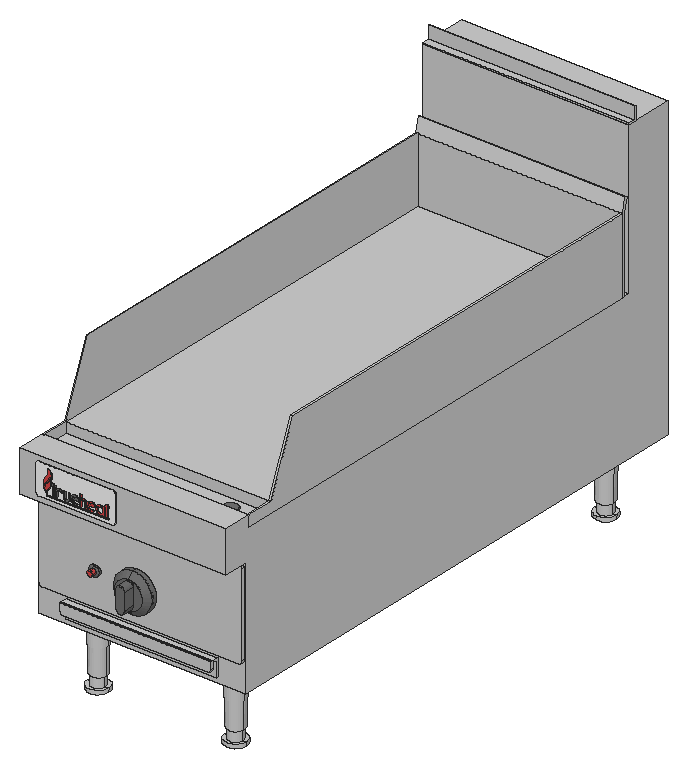
Revit family "QF_COMCATER ALL BRANDS_RCT3-3G", category Specialty Equipment, Revit 2014
Parameters (values of type "RCT3-3G_Natural Gas")
  URL Cutsheet = ""
  URL = ""
  Type Comments = "The Australian owned and designed* Trueheat RC Series of Gas Cooking Equipment has been developed for the restaurant and cafe market with a high quality finish, designed to fulfill the busy demands within a commercial kitchen.\r\n16mm thick steel griddle plate with 16.5MJ/hr burner per 300mm section.\r\n100% Flame failure controls included as standard. Piezo ignition on concealed burners."
  Status [instance] = ""
  Specification by User [instance] = ""
  Specification by Manufacturer [instance] = ""
  Seismic Rating = ""
  SMACNA No = ""
  Revision Code [instance] = ""
  Nominal Gas power = 3900 W
  NAFEM Spec ID Number = ""
  Model = "RCT3-3G"
  Mechanical Connection Type [instance] = " "
  Masterspec = ""
  Manufacturer = "TRUEHEAT"
  Length Actual = 300 mm
  Item Number [instance] = ""
  Installed By [instance] = ""
  Identify Quantity as Lot [instance] = no
  Height Actual = 455 mm
  Gas power kW = 3.9
  Gas Size Flexible = 0 mm
  Gas Size = 19.05 mm
  Gas RI Height [instance] = 0 mm
  Gas Flow = 0.0 L/s
  Gas Connection Height [instance] = 121 mm
  Furnished By [instance] = ""
  Foodservice Equipment Identifier [instance] = yes
  Description = "GRIDDLE MODULAR TOP"
  Depth Actual = 803 mm
  CSI MasterFormat = ""
  BTUH = 3900 W
  Assembly Code = "E1090320"
  Accessory = no
Types (2): name
  RCT3-3G_Natural Gas
  RCT3-3G_LPG
Reference planes
  plane 1 "Center (Front/Back)": y = 0
  plane 2: z = 0
  plane 3 "Center (Left/Right)": x = 0
Forms (mm)
  Extrusion 1, solid
    sketch origin (96, 0, 121) x (1, 0, 0) y (0, 1, 0)
      loop
        line (0, 0) -> (2, 0) -> (2, 2) -> (0, 2) -> (0, 0)
    from 0 to 2
Dimensions and locks
  aligned and locked: level to plane 2
Nested families
  nested 1: "QF_COMCATER ALL BRANDS_RCT3-3G_Natural Gas" at (0, 0, 100), type "RCT3-3G_Natural Gas"
    with Show Logo yes, Show Clearance yes
  nested 2: "QF_COMCATER_B05002-300" at (0, 0, 0), type "B05002-300"
    with Show Logo yes, Show Clearance yes
Connectors
  piping at (97, 2, 122), diameter 19.05, driven by "Gas Size", driven by "Gas Flow"
    settings: on Extrusion 1, index 1, connector inside diameter 609.6 mm, connector length 0 mm, flow factor 0, pipe flow 0.0 L/s, pressure drop 0.0 Pa, fitting loss kfactor 0, connector angle 0.00°, fixture units 0, engagement length 0 mm, angle of deflection 0.00°, flow configuration 1, flow direction 1, fitting loss method 0, system type 22, joint type 0, gender type 0, connector reference index -1, connector utility 0, adjustable connector no, is connector primary yes, connector description "Gas connection for 'RCT3-3G'"
Definition of nested family "QF_COMCATER ALL BRANDS_RCT3-3G_Natural Gas"
  Parameters (values of type "RCT3-3G_Natural Gas")
    URL = "www.comcater.com.au"
    Show Logo [instance] = yes
    Show Clearance [instance] = yes
    Model = "RCT3-3G"
    Manufacturer = "TRUEHEAT"
    Description = "GRIDDLE MODULAR TOP"
    Assembly Code = "E1090320"
  Reference planes
    plane 1 "Back": y = 0
    plane 2: z = 0
    plane 3 "Left": x = 0
    plane 4 "Right": x = 300
    plane 5 "Front": y = -803
    plane 6 "Top": z = 455
  Forms (mm)
    Extrusion 1, solid
      sketch origin (0, 0, 2.5) x (0, 1, 0) y (0, 0, 1)
        loop
          line (0, 432.5) -> (-70, 432.5) -> (-70, 212.5) -> (-762.176, 212.5) -> (-762.176, 227.5) -> (-803, 227.5) -> (-803, 167.5) -> (-768, 167.5) -> (-768, -2.5) -> (0, -2.5) -> (0, 432.5)
      from 0 to 300
    Extrusion 2, solid
      sketch origin (0, 0, 2.5) x (0, 1, 0) y (0, 0, 1)
        loop
          line (-77.071, 341.25) -> (-82.176, 322.195) -> (-82.176, 212.5) -> (-80.176, 212.5) -> (-80.176, 321.931) -> (-75, 341.25) -> (-77.071, 341.25)
      from 0 to 300
    Extrusion 3, solid
      sketch origin (0, 0, 2.5) x (0, 1, 0) y (0, 0, 1)
        loop
          line (-82.176, 322.195) -> (-682.176, 322.195) -> (-722.176, 227.5) -> (-762.176, 227.5) -> (-762.176, 212.5) -> (-82.176, 212.5) -> (-82.176, 322.195)
      from 0 to 2
    Extrusion 4, solid
      sketch origin (298, 0, 2.5) x (0, 1, 0) y (0, 0, 1)
        loop
          line (-82.176, 322.195) -> (-682.176, 322.195) -> (-722.176, 227.5) -> (-762.176, 227.5) -> (-762.176, 212.5) -> (-82.176, 212.5) -> (-82.176, 322.195)
      from 0 to 2
    Extrusion 5, solid
      sketch origin (-4.5, -360, -12.5) x (1, 0, 0) y (0, 0, 1)
        loop
          line (6.5, 227.5) -> (302.5, 227.5) -> (302.5, 242.5) -> (6.5, 242.5) -> (6.5, 227.5)
      from -277.824 to 362.176
    Revolve 6, solid
      sketch origin (150, 8, -489.263) x (0, 1, 0) y (0, 0, 1)
        loop
          line (-786.003, 575.513) -> (-801, 575.513) -> (-801, 555.163) -> (-793.012, 547.176) -> (-786.003, 547.176) -> (-786.003, 575.513)
        axis (-786.003, 575.513) -> (-801, 575.513)
      angle from 0 to 360
    Extrusion 7, solid
      sketch origin (-222.681, -780, -1413.928) x (-0.707107, 0, -0.707107) y (-0.707107, 0, 0.707107)
        loop
          arc (-1328.297, 810.227) -> (-1337.277, 810.227) -> (-1337.277, 801.247) r 6.35
          line (-1337.277, 801.247) -> (-1320.325, 784.294)
          arc (-1320.325, 784.294) -> (-1311.344, 784.294) -> (-1311.344, 793.275) r 6.35
          line (-1311.344, 793.275) -> (-1328.297, 810.227)
      from -13 to -28
    Extrusion 8, solid
      sketch origin (0, -768, 2.5) x (1, 0, 0) y (0, 0, 1)
        loop
          line (2.5, 160.5) -> (2.5, 40)
          arc (2.5, 40) -> (3.964, 36.464) -> (7.5, 35) r 5
          line (7.5, 35) -> (292.5, 35)
          arc (292.5, 35) -> (296.036, 36.464) -> (297.5, 40) r 5
          line (297.5, 40) -> (297.5, 160.5)
          arc (297.5, 160.5) -> (296.036, 164.036) -> (292.5, 165.5) r 5
          line (292.5, 165.5) -> (7.5, 165.5)
          arc (7.5, 165.5) -> (3.964, 164.036) -> (2.5, 160.5) r 5
      from 0 to 3
    Extrusion 9, solid
      sketch origin (117.5, -778.029, 2.5) x (1, 0, 0) y (0, 0, 1)
        loop
          arc (-77.5, 20) -> (-76.036, 16.464) -> (-72.5, 15) r 5
          line (-72.5, 15) -> (137.5, 15)
          arc (137.5, 15) -> (141.036, 16.464) -> (142.5, 20) r 5
          line (142.5, 20) -> (142.5, 30) -> (-77.5, 30) -> (-77.5, 20)
      from 0 to 2
    Extrusion 10, solid
      sketch origin (117.5, -2.029, 2.5) x (0, 1, 0) y (0, 0, 1)
        loop
          line (-776, 30) -> (-776, 27.971) -> (-768.029, 27.971) -> (-768.029, 4.971) -> (-766, 4.971) -> (-766, 30) -> (-776, 30)
      from -77.5 to 142.5
    Extrusion 11, solid, visible <- "Show Logo"
      sketch origin (30, -802.5, 9.763) x (1, 0, 0) y (0, 0, 1)
        loop
          line (98.5, 191.841) -> (96.5, 191.841) -> (96.5, 189.798) -> (95.026, 189.798) -> (95.026, 187.798) -> (96.5, 187.798) -> (96.5, 175.237) -> (98.5, 175.237) -> (98.5, 187.798) -> (100, 187.798) -> (100, 189.798) -> (98.5, 189.798) -> (98.5, 191.841)
        loop
          line (94, 187.798) -> (92, 187.798) -> (92, 186.56)
          arc (92, 186.56) -> (81.976, 181.518) -> (92, 176.475) r 6.28
          line (92, 176.475) -> (92, 175.237) -> (94, 175.237) -> (94, 187.798)
        loop
          arc (92, 183.592) -> (83.976, 181.518) -> (92, 179.443) r 4.28
          line (92, 179.443) -> (92, 183.592)
        loop
          line (65.446, 184.298) -> (65.446, 175.237) -> (67.446, 175.237) -> (67.446, 184.729)
          arc (67.446, 184.729) -> (64.497, 187.542) -> (60.446, 187.101) r 4.833
          line (60.446, 187.101) -> (60.446, 191.841) -> (58.446, 191.841) -> (58.446, 175.237) -> (60.446, 175.237) -> (60.446, 184.298)
          arc (60.446, 184.298) -> (62.946, 185.798) -> (65.446, 184.298) r 2.833
        loop
          arc (80.998, 181.518) -> (69.107, 184.34) -> (78.461, 176.475) r 6.28
          line (78.461, 176.475) -> (77.269, 178.081)
          arc (77.269, 178.081) -> (72.794, 177.694) -> (70.437, 181.518) r 4.28
          line (70.437, 181.518) -> (80.998, 181.518)
        loop
          arc (78.502, 183.518) -> (74.717, 185.798) -> (70.933, 183.518) r 4.28
          line (70.933, 183.518) -> (78.502, 183.518)
      from 0 to 2
    Extrusion 12, solid, visible <- "Show Logo"
      sketch origin (14.146, -802.5, 9.763) x (1, 0, 0) y (0, 0, 1)
        loop
          arc (70.804, 183.518) -> (67.02, 185.798) -> (63.236, 183.518) r 4.28
          line (63.236, 183.518) -> (70.804, 183.518)
        loop
          arc (73.3, 181.518) -> (61.409, 184.34) -> (70.764, 176.475) r 6.28
          line (70.764, 176.475) -> (69.572, 178.081)
          arc (69.572, 178.081) -> (65.096, 177.694) -> (62.74, 181.518) r 4.28
          line (62.74, 181.518) -> (73.3, 181.518)
        loop
          line (34.617, 191.841) -> (34.617, 189.798) -> (33.143, 189.798) -> (33.143, 187.798) -> (34.617, 187.798) -> (34.617, 175.237) -> (36.617, 175.237) -> (36.617, 187.798) -> (38.117, 187.798) -> (38.117, 189.798) -> (36.617, 189.798) -> (36.617, 191.841) -> (34.617, 191.841)
        loop
          arc (57.696, 178.737) -> (55.196, 177.237) -> (52.696, 178.737) r 2.833
          line (52.696, 178.737) -> (52.696, 187.798) -> (50.696, 187.798) -> (50.696, 178.307)
          arc (50.696, 178.307) -> (55.196, 175.237) -> (59.696, 178.307) r 4.833
          line (59.696, 178.307) -> (59.696, 187.798) -> (57.696, 187.798) -> (57.696, 178.737)
        loop
          line (41.117, 186.56) -> (41.117, 187.798) -> (39.117, 187.798) -> (39.117, 175.237) -> (41.117, 175.237) -> (41.117, 183.592)
          arc (41.117, 183.592) -> (44.587, 185.789) -> (48.31, 184.053) r 4.28
          line (48.31, 184.053) -> (49.735, 185.478)
          arc (49.735, 185.478) -> (45.643, 187.749) -> (41.117, 186.56) r 6.28
      from 0 to 2
    Extrusion 13, solid, visible <- "Show Logo"
      sketch origin (0, -802.5, 7.5) x (1, 0, 0) y (0, 0, 1)
        loop
          line (130, 176.5) -> (40, 176.5) -> (40, 175.5) -> (130, 175.5) -> (130, 176.5)
        loop
          arc (40, 177.5) -> (40.603, 181.061) -> (42.43, 184.177) r 10.013
          arc (42.43, 184.177) -> (44.457, 187.03) -> (45.914, 190.212) r 18.627
          arc (45.914, 190.212) -> (46.43, 193.956) -> (45.458, 197.608) r 9.58
          arc (45.458, 197.608) -> (44.352, 194.23) -> (41.979, 191.583) r 8.629
          arc (41.979, 191.583) -> (38.017, 184.959) -> (40, 177.5) r 9.924
        loop
          arc (39.054, 199.801) -> (35.351, 191.043) -> (36.701, 181.631) r 17.746
          arc (36.701, 181.631) -> (36.715, 187.191) -> (39.483, 192.014) r 10.848
          arc (39.483, 192.014) -> (42.461, 196.051) -> (44.165, 200.77) r 17.413
          arc (44.165, 200.77) -> (46.042, 199.588) -> (47.328, 197.781) r 5.718
          arc (47.328, 197.781) -> (46.772, 205.563) -> (40.995, 210.808) r 10.489
          arc (40.995, 210.808) -> (41.42, 205.059) -> (39.054, 199.801) r 11.727
      from 0 to 2
    Extrusion 14, solid, visible <- "Show Logo"
      sketch origin (0, -802, 7.5) x (1, 0, 0) y (0, 0, 1)
        loop
          line (29.373, 170.5) -> (135, 170.5)
          arc (135, 170.5) -> (138.536, 171.964) -> (140, 175.5) r 5
          line (140, 175.5) -> (140, 210.808)
          arc (140, 210.808) -> (138.536, 214.344) -> (135, 215.808) r 5
          line (135, 215.808) -> (29.373, 215.808)
          arc (29.373, 215.808) -> (25.837, 214.344) -> (24.373, 210.808) r 5
          line (24.373, 210.808) -> (24.373, 175.5)
          arc (24.373, 175.5) -> (25.837, 171.964) -> (29.373, 170.5) r 5
      from 0 to 2
    Extrusion 15, solid
      sketch origin (-119.5, 20, 215) x (1, 0, 0) y (0, 1, 0)
        loop
          circle (377.5, -762.176) r 10
      from 0 to 2
    Extrusion 16, solid
      sketch origin (41.662, -5, -680) x (1, 0, 0) y (0, 0, 1)
        loop
          circle (108.338, 766.25) r 8
      from 766 to 773.003
    Extrusion 17, solid, visible <- "Show Clearance", detail levels coarse
      sketch origin (25, -2.029, -680) x (0, 1, 0) y (0, 0, 1)
        loop
          line (-768.029, 687.471) -> (-768.029, 712.5) -> (-1198.971, 712.5) -> (-1198.971, 687.471) -> (-768.029, 687.471)
      from 15 to 235
    Extrusion 18, solid
      sketch origin (0, -23, 0) x (0, 1, 0) y (0, 0, 1)
        loop
          line (-47, 435) -> (-35, 435) -> (-35, 455) -> (-37, 455) -> (-37, 437) -> (-47, 437) -> (-47, 435)
      from 0 to 300
    Extrusion 19, solid
      sketch origin (96, 10, -828) x (1, 0, 0) y (0, 0, 1)
        loop
          circle (0, 850) r 9.3
      from 0 to 10
    Extrusion 20, solid, visible <- "Show Clearance", detail levels coarse
      sketch origin (0, 0, 0) x (1, 0, 0) y (0, 1, 0)
        loop
          line (450, 150) -> (-150, 150) -> (-150, -803) -> (0, -803) -> (0, 0) -> (300, 0) -> (300, -803) -> (450, -803) -> (450, 150)
      from 0 to 455
    Revolve 21, solid
      sketch origin (84.162, -8, -56.377) x (0, 1, 0) y (0, 0, 1)
        loop
          line (-763, 142.627) -> (-763, 150.127) -> (-765.011, 150.127) -> (-767, 146.627) -> (-767, 142.627) -> (-763, 142.627)
        axis (-767, 142.627) -> (-763, 142.627)
      angle from 0 to 360
    Extrusion 22, solid
      sketch origin (84.162, -8, -56.377) x (1, 0, 0) y (0, 0, 1)
        loop
          circle (0, 142.627) r 4
      from 772.997 to 767
  Lines and regions (mm)
    symbolic lines, style "200-EquipBorder-2D"
      curve 1: line (0, 0, 0) -> (300, 0, 0)
      curve 5: line (0, 0, 0) -> (0, -803, 0)
      curve 6: line (86.7, 10, 0) -> (105.3, 10, 0)
      curve 7: line (105.3, 10, 0) -> (105.3, 0, 0)
      curve 8: line (86.7, 10, 0) -> (86.7, 0, 0)
      curve 12: line (300, 0, 0) -> (300, -803, 0)
      curve 13: line (300, -803, 0) -> (0, -803, 0)
      curve 23: line (0, -70, 0) -> (300, -70, 0)
    symbolic lines, style "QF_Door-Drawer Clearances", visible <- "Show Clearance"
      curve 2: line (260, -1201, 0) -> (260, -803, 0)
      curve 3: line (40, -1201, 0) -> (260, -1201, 0)
      curve 4: line (40, -1201, 0) -> (40, -803, 0)
    symbolic lines, style "QF_Clearances", visible <- "Show Clearance"
      curve 9: line (-150, -803, 0) -> (-150, 150, 0)
      curve 10: line (-150, 150, 0) -> (450, 150, 0)
      curve 11: line (450, 150, 0) -> (450, -803, 0)
    symbolic lines, style "200-EquipInternal-2D"
      curve 14: line (2, -762.176, 0) -> (2, -82.176, 0)
      curve 15: line (298, -82.176, 0) -> (298, -762.176, 0)
      curve 16: line (2, -722.176, 0) -> (298, -722.176, 0)
      curve 17: line (300, -762.176, 0) -> (0, -762.176, 0)
      curve 18: circle (258, -742.176, 0) r 10 normal (0, 0, 1)
      curve 19: line (300, -58, 0) -> (0, -58, 0)
      curve 20: line (0, -60, 0) -> (300, -60, 0)
      curve 21: line (2, -82.176, 0) -> (298, -82.176, 0)
      curve 22: line (300, -75, 0) -> (0, -75, 0)
  Dimensions and locks
    plane 1 "Back" to plane 5 "Front" = 803 mm
    plane 6 "Top" to level = 455 mm  (x2)
    plane 3 "Left" to plane 4 "Right" = 300 mm
    plane 5 "Front" to plane 1 "Back" = 803 mm
    plane 4 "Right" to plane 3 "Left" = 300 mm
    aligned and locked: level to plane 2
  Connectors
    piping at (96, 10, 22), diameter 19
      settings: on Extrusion 19, index 1, connector inside diameter 609.6 mm, connector length 0 mm, flow factor 0, pipe flow 0.0 L/s, pressure drop 0.0 Pa, fitting loss kfactor 0, connector angle 0.00°, fixture units 0, engagement length 0 mm, angle of deflection 0.00°, flow configuration 1, flow direction 1, fitting loss method 0, system type 22, joint type 0, gender type 0, connector reference index -1, connector utility 0, adjustable connector no, is connector primary yes, connector description "Gas Inlet"
Definition of nested family "QF_COMCATER_B05002-300"
  Parameters (values of type "B05002-300")
    URL = ""
    Type Comments = ""
    Show Logo [instance] = yes
    Show Clearance [instance] = yes
    Model = "B05002"
    Manufacturer = "TRUEHEAT"
    Length Actual = 300 mm
    Height Actual = 100 mm
    Description = "ADJUSTABLE LEG FOR RCT COUNTERTOP MOUNTING 300MM"
    Depth Actual = 803 mm
    Assembly Code = "E1090320"
    Accessory = yes
  Reference planes
    plane 1 "Back": y = 0
    plane 2: z = 0
    plane 3 "Left": x = 0
    plane 4 "Right": x = 300
    plane 5 "Front": y = -803
    plane 6 "Top": z = 100
  Forms (mm)
    Revolve 1, solid
      sketch origin (0, -50, 0) x (1, 0, 0) y (0, 0, 1)
        loop
          line (50, 0) -> (65.5, 0) -> (65.5, 5) -> (60, 5) -> (60, 20) -> (62, 20) -> (63.5, 95) -> (65.5, 95) -> (65.5, 100) -> (50, 100) -> (50, 0)
        axis (50, 0) -> (50, 100)
      angle from 0 to 360
    Revolve 2, solid
      sketch origin (0, -723, 0) x (1, 0, 0) y (0, 0, -1)
        loop
          line (50, 0) -> (50, -100) -> (65.5, -100) -> (65.5, -95) -> (63.5, -95) -> (62, -20) -> (60, -20) -> (60, -5) -> (65.5, -5) -> (65.5, 0) -> (50, 0)
        axis (50, 0) -> (50, -100)
      angle from 0 to 360
    Revolve 3, solid
      sketch origin (300, -50, 0) x (-1, 0, 0) y (0, 0, -1)
        loop
          line (50, 0) -> (50, -100) -> (65.5, -100) -> (65.5, -95) -> (63.5, -95) -> (62, -20) -> (60, -20) -> (60, -5) -> (65.5, -5) -> (65.5, 0) -> (50, 0)
        axis (50, 0) -> (50, -100)
      angle from 0 to 360
    Revolve 4, solid
      sketch origin (300, -723, 0) x (-1, 0, 0) y (0, 0, 1)
        loop
          line (50, 0) -> (65.5, 0) -> (65.5, 5) -> (60, 5) -> (60, 20) -> (62, 20) -> (63.5, 95) -> (65.5, 95) -> (65.5, 100) -> (50, 100) -> (50, 0)
        axis (50, 0) -> (50, 100)
      angle from 0 to 360
  Dimensions and locks
    plane 5 "Front" to plane 1 "Back" = 803 mm
    plane 6 "Top" to level = 100 mm
    plane 3 "Left" to plane 4 "Right" = 300 mm
    aligned and locked: level to plane 2
